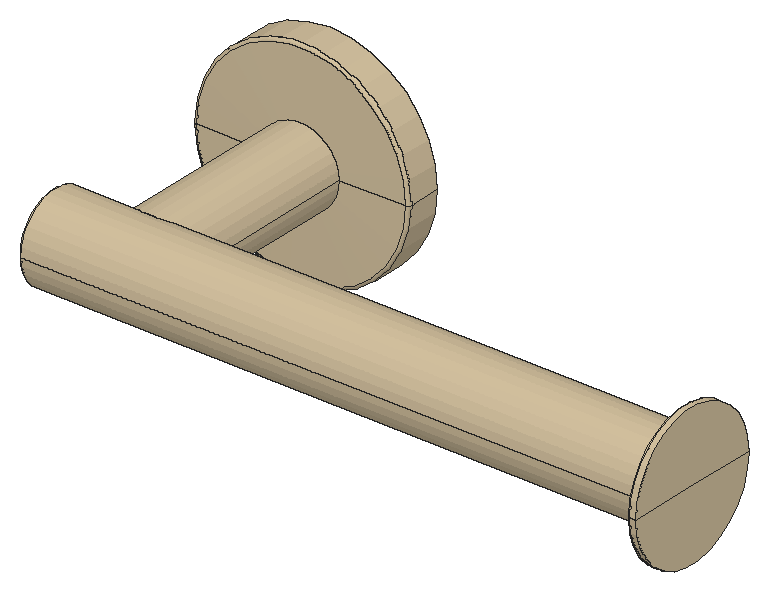
Revit family "Reece_Accessory_Roca_Ona_Toilet Roll Holder", category Plumbing Fixtures, host Face, Revit 2018
Family settings
  Host = Face
  Round Connector Dimension = Use Diameter
  Part Type = Normal
  Cut with Voids When Loaded = Yes
  Shared = Yes
  Room Calculation Point = Yes
Parameters (values of type "Brushed Brass")
  URL = "https://www.reece.com.au/product/-15061"
  Type Comments = "Accessory"
  Reece_Product_Web Page = "https://www.reece.com.au/product/-15061"
  Reece_Product_Type = "Accessory"  # constant formula
  Reece_Product_Sub Brand = "Ona"  # constant formula
  Reece_Product_Number = "15061"
  Reece_Product_Mount = "Wall Mounted"  # constant formula
  Reece_Product_Description = "Roca Ona Toilet Roll Holder Brushed Brass"
  Reece_Product_Brand = "Roca"  # constant formula
  Reece_Overall_Width = 170.0 mm  # constant formula
  Reece_Overall_Projection = 80.4 mm  # constant formula
  Reece_Material_Main = Reece_Brass_Brushed
  Reece_Height_From_Level [instance] = 1000.0 mm
  Reece_Fixing_Limit [instance] = if(Reece_Height_From_Level < 28.0 mm, 28.0 mm, if(Reece_Height_From_Level > 28.0 mm, Reece_Height_From_Level, Reece_Height_From_Level))  # 1000.0 mm
  Reece_Detail_Shape = ""
  Reece_Detail_Installation = ""
  Reece_Detail_Disclaimer = "THIS FILE IS THE PROPERTY OF THE REECE GROUP. IT MAY NOT BE REPRODUCED, REVERSE-ENGINEERED, OR MODIFIED. ANY REPUBLICATION, TRANSMISSION, OR DISTRIBUTION FOR THE PURPOSE OF COMMERCIALLY EXPLOITING THE FILES IS PROHIBITED."  # constant formula
  Reece_Detail_Additional = "Toilet Roll Holder"  # constant formula
  Model = "Ona"
  Manufacturer = "Roca"
  Keynote = "Product #15061, Reece_Accessory_Roca_Ona_Toilet Roll Holder - Brushed Brass"
  Disclaimer = "THIS FILE IS THE PROPERTY OF THE REECE GROUP. IT MAY NOT BE REPRODUCED, REVERSE-ENGINEERED, OR MODIFIED. ANY REPUBLICATION, TRANSMISSION, OR DISTRIBUTION FOR THE PURPOSE OF COMMERCIALLY EXPLOITING THE FILES IS PROHIBITED."  # constant formula
  Description = "Roca Ona Toilet Roll Holder Brushed Brass"
  Default Elevation = 0.0 mm
Types (6, lengths in mm): name | URL | Reece_Product_Web Page | Reece_Product_Number | Reece_Product_Description | Reece_Material_Main | Keynote | Description
  (no name) | "https://www.reece.com.au/product/-15057" | "https://www.reece.com.au/product/-15057" | "15057" | "Roca Ona Toilet Roll Holder Chrome" | Reece_Brass_Chrome | "Product #15057, Reece_Accessory_Roca_Ona_Toilet Roll Holder -  " | "Roca Ona Toilet Roll Holder Chrome"
  Matte Black | "https://www.reece.com.au/product/-15058" | "https://www.reece.com.au/product/-15058" | "15058" | "Roca Ona Toilet Roll Holder Matte Black" | Reece_Brass_Matte Black | "Product #15058, Reece_Accessory_Roca_Ona_Toilet Roll Holder - Matte Black" | "Roca Ona Toilet Roll Holder Matte Black"
  Brushed Nickel | "https://www.reece.com.au/product/-15060" | "https://www.reece.com.au/product/-15060" | "15060" | "Roca Ona Toilet Roll Holder Brushed Nickel" | Reece_Brass_Brushed Nickel | "Product #15060, Reece_Accessory_Roca_Ona_Toilet Roll Holder - Brushed Nickel" | "Roca Ona Toilet Roll Holder Brushed Nickel"
  Brushed Brass | "https://www.reece.com.au/product/-15061" | "https://www.reece.com.au/product/-15061" | "15061" | "Roca Ona Toilet Roll Holder Brushed Brass" | Reece_Brass_Brushed | "Product #15061, Reece_Accessory_Roca_Ona_Toilet Roll Holder - Brushed Brass" | "Roca Ona Toilet Roll Holder Brushed Brass"
  Chrome | "https://www.reece.com.au/product/-15057" | "https://www.reece.com.au/product/-15057" | "15057" | "Roca Ona Toilet Roll Holder Chrome" | Reece_Brass_Chrome | "Product #15057, Reece_Accessory_Roca_Ona_Toilet Roll Holder - Chrome" | "Roca Ona Toilet Roll Holder Chrome"
  Matte White | "https://www.reece.com.au/product/-15059" | "https://www.reece.com.au/product/-15059" | "15059" | "Roca Ona Toilet Roll Holder Matte White" | Reece_Brass_Brushed Matte White | "Product #15059, Reece_Accessory_Roca_Ona_Toilet Roll Holder - Matte White" | "Roca Ona Toilet Roll Holder Matte White"
Reference planes
  plane 1 "Center (Front/Back)": y = 0
  plane 2: z = -5
  plane 3 "Center (Left/Right)": x = 0
  plane 4: x = -10
  plane 5: y = -62
  plane 6: x = -27.5
  plane 7 "Ref": z = 1000
  plane 8: y = -9.5
  plane 9: x = -27.5
  plane 10: x = 142.5
  plane 11: x = -27.5
  plane 12: y = -62.4
  plane 13: y = -80.4
Forms (mm)
  Revolve 1, solid, material "Reece_Brass_Brushed" <- "Reece_Material_Main"
    sketch origin (0, 0, 1000) x (-1, 0, 0) y (0, -1, 0)
      loop
        line (0, 0) -> (27.5, 0) -> (27.5, 8.244)
        arc (27.5, 8.244) -> (27.281, 8.794) -> (26.744, 9.042) r 0.8
        arc (26.744, 9.042) -> (18.375, 9.386) -> (10, 9.5) r 306.5
        line (10, 9.5) -> (10, 62) -> (0, 62) -> (0, 0)
      axis (0, 62) -> (0, 0)
    angle from 0 to 360
  Revolve 2, solid, material "Reece_Brass_Brushed" <- "Reece_Material_Main"
    sketch origin (0, 0, 1000) x (-1, 0, 0) y (0, -1, 0)
      loop
        line (21, 62.4) -> (-142.5, 62.4) -> (-142.5, 44.4) -> (-141, 44.4)
        arc (-141, 44.4) -> (-140.646, 44.546) -> (-140.5, 44.9) r 0.5
        line (-140.5, 44.9) -> (-140.5, 51.4) -> (20, 51.4)
        arc (20, 51.4) -> (20.727, 51.999) -> (21, 52.9) r 1.625
        line (21, 52.9) -> (21, 62.4)
      axis (21, 62.4) -> (-142.5, 62.4)
    angle from 0 to 360
  Revolve 3, void
    sketch origin (0, 0, 0) x (0, 1, 0) y (0, 0, 1)
      loop
        line (-22, 988.971) -> (-19, 988.971) -> (-19, 991.15)
        arc (-19, 991.15) -> (-20.482, 990.806) -> (-22, 990.69) r 10.021
        line (-22, 990.69) -> (-22, 988.971)
      axis (-22, 991.15) -> (-22, 988.971)
    angle from 0 to 360
  Revolve 4, void
    sketch origin (0, -15, 0) x (0, 1, 0) y (0, 0, 1)
      loop
        line (-22, 988.971) -> (-19, 988.971) -> (-19, 991.15)
        arc (-19, 991.15) -> (-20.482, 990.806) -> (-22, 990.69) r 10.021
        line (-22, 990.69) -> (-22, 988.971)
      axis (-22, 991.15) -> (-22, 988.971)
    angle from 0 to 360
  Extrusion 5, void
    sketch origin (0, 0, 1000) x (-1, 0, 0) y (0, -1, 0)
      loop
        line (0, 38.424) -> (-1.233, 37.712) -> (-1.233, 36.288) -> (0, 35.576) -> (1.233, 36.288) -> (1.233, 37.712) -> (0, 38.424)
      loop
        line (0, 23.424) -> (-1.233, 22.712) -> (-1.233, 21.288) -> (0, 20.576) -> (1.233, 21.288) -> (1.233, 22.712) -> (0, 23.424)
    from -13.157 to 0
Cuts and joins
  Revolve 3, Revolve 4, Extrusion 5 cuts Revolve 1
  Revolve 3, Revolve 4, Extrusion 5 cuts Revolve 2
  joined: Revolve 1, Revolve 2
Lines and regions (mm)
  model lines, style "InvisibleLines"
    curve 1: line (0, 0, -5) -> (0, 0, 1000)
Text (mm)
  text "Reece Copyright © 2018, Reece Ltd." at (-381.4, -97.774, 0), in view "Ref. Level"
  text "Reece ©" at (-108.676, 411.576, 434.59), in view "Reece Preview"
Dimensions and locks
  "Reece_Overall_Width": cut or joined group of Revolve 1, Revolve 2, Revolve 3, Revolve 4, Extrusion 5 to plane 10
  locked: plane 2 to level at 5
  "Reece_Fixing_Limit": plane 7 "Ref" to level
  plane 7 "Ref" to Revolve 3 sketch curve to Revolve 3 sketch curve to Revolve 3 sketch curve = 8.85 mm locked, 0.46 mm locked, 1.72 mm locked
  Revolve 4 sketch curve to Revolve 4 sketch curve to Revolve 4 sketch curve = 0.46 mm locked, 1.72 mm locked
  "Reece_Overall_Projection": plane 13 to plane 1 "Center (Front/Back)"
  aligned and locked: plane 3 "Center (Left/Right)" to curve 1
  aligned and locked: plane 2 to curve 1
  aligned and locked: plane 7 "Ref" to Extrusion 5
Automatic sketch dimensions
  curve 1 to plane 7 "Ref" = 0.0 mm
  Revolve 3 sketch curve to plane 8 = 12.5 mm  (x2)
  Revolve 3 sketch curve to Revolve 3 sketch curve = 3.0 mm
  Revolve 3 sketch curve to Revolve 3 sketch curve = 16.427 mm
  Revolve 3 sketch curve to Revolve 3 sketch curve = 21.832 mm
  Revolve 4 sketch curve to plane 7 "Ref" = 11.029 mm
  Revolve 4 sketch curve to plane 8 = 27.5 mm
  Revolve 4 sketch curve to Revolve 4 sketch curve = 3.0 mm
  Revolve 4 sketch curve to Revolve 4 sketch curve = 0.0 mm
  Revolve 4 sketch curve to Revolve 4 sketch curve = 16.427 mm
  Revolve 4 sketch curve to Revolve 4 sketch curve = 21.832 mm
  Extrusion 5 sketch curve to plane 3 "Center (Left/Right)" = 0.0 mm  (x4)
  plane 3 "Center (Left/Right)" to Extrusion 5 sketch curve = 1.233 mm  (x2)
  Extrusion 5 sketch curve to plane 3 "Center (Left/Right)" = 1.233 mm  (x2)
  Extrusion 5 sketch curve to plane 8 = 11.076 mm
  Extrusion 5 sketch curve to Extrusion 5 sketch curve = 0.712 mm  (x6)
  Extrusion 5 sketch curve to Extrusion 5 sketch curve = 1.424 mm  (x4)
  Extrusion 5 sketch curve to Extrusion 5 sketch curve = 12.152 mm
  plane 12 to Revolve 2 sketch curve = 0.0 mm
  Revolve 2 sketch curve to plane 10 = 0.0 mm
  Revolve 2 sketch curve to plane 12 = 0.0 mm
  plane 10 to Revolve 2 sketch curve = 1.5 mm
  Revolve 2 sketch curve to Revolve 2 sketch curve = 0.5 mm
  plane 9 to Revolve 2 sketch curve = 8.125 mm
  Revolve 2 sketch curve to Revolve 2 sketch curve = 0.625 mm
  plane 9 to Revolve 2 sketch curve = 6.5 mm
  plane 12 to Revolve 2 sketch curve = 9.5 mm
  Revolve 2 sketch curve to Revolve 2 sketch curve = 6.5 mm
  Revolve 2 sketch curve to Revolve 2 sketch curve = 17.5 mm
  Revolve 2 sketch curve to plane 9 = 32.5 mm
  plane 1 "Center (Front/Back)" to Revolve 1 sketch curve = 0.0 mm
  Revolve 1 sketch curve to plane 3 "Center (Left/Right)" = 0.0 mm  (x2)
  Revolve 1 sketch curve to plane 4 = 0.0 mm
  Revolve 1 sketch curve to plane 6 = 0.0 mm
  Revolve 1 sketch curve to plane 8 = 0.0 mm
  plane 5 to Revolve 1 sketch curve = 0.0 mm
  plane 6 to Revolve 1 sketch curve = 0.8 mm
  Revolve 1 sketch curve to plane 1 "Center (Front/Back)" = 297.0 mm
  plane 8 to Revolve 1 sketch curve = 1.256 mm
  Revolve 1 sketch curve to Revolve 1 sketch curve = 16.0 mm
  plane 13 to Revolve 1 sketch curve = 3.4 mm
